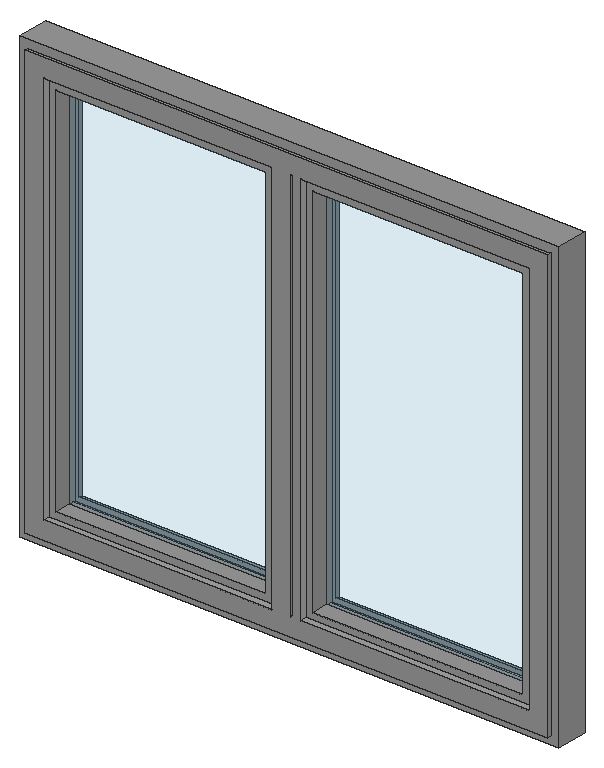
Revit family "Kawneer_Window_GT70s_Pos005", category Windows, host Wall, Revit 2020 (continued)
Definition of nested family "Kawneer_GT70s_Pos005"
  Definition of nested family "Kawneer_GT70s_Mull5"
    Lines and regions (mm)
      model lines, in view "Ref. Level", detail levels fine
        curve 373: arc (-9.68, -51.372, 0) -> (-9.788, -51.634, 0) -> (-9.527, -51.742, 0) r 0.2
        curve 374: arc (-9.098, -53.5, 0) -> (-8.932, -53.411, 0) -> (-8.913, -53.223, 0) r 0.2
        curve 375: arc (-12.9, -53.3, 0) -> (-12.841, -53.441, 0) -> (-12.7, -53.5, 0) r 0.2
        curve 376: arc (-12.115, -51.4, 0) -> (-11.915, -51.2, 0) -> (-12.115, -51, 0) r 0.2
        curve 377: arc (-12.461, -51, 0) -> (-14.138, -51.513, 0) -> (-15.242, -52.875, 0) r 3
        curve 378: arc (-16.169, -53.5, 0) -> (-15.61, -53.329, 0) -> (-15.242, -52.875, 0) r 1
        curve 379: arc (-17.6, -53.5, 0) -> (-18.661, -53.939, 0) -> (-19.1, -55, 0) r 1.5
        curve 380: arc (-20.1, -56.6, 0) -> (-19.393, -56.307, 0) -> (-19.1, -55.6, 0) r 1
        curve 381: arc (-24.823, -56.025, 0) -> (-24.454, -56.444, 0) -> (-23.918, -56.6, 0) r 1
        curve 382: arc (-24.823, -56.025, 0) -> (-25.93, -54.768, 0) -> (-27.539, -54.3, 0) r 3
        curve 383: arc (-27.885, -54.3, 0) -> (-28.085, -54.5, 0) -> (-27.885, -54.7, 0) r 0.2
        curve 384: arc (-27.3, -56.8, 0) -> (-27.159, -56.741, 0) -> (-27.1, -56.6, 0) r 0.2
        curve 385: arc (-31.087, -56.523, 0) -> (-31.068, -56.711, 0) -> (-30.902, -56.8, 0) r 0.2
        curve 386: arc (-30.473, -55.042, 0) -> (-30.212, -54.934, 0) -> (-30.32, -54.672, 0) r 0.2
        curve 387: arc (-32.05, -53.673, 0) -> (-32.35, -53.673, 0) -> (-32.5, -53.933, 0) r 0.3
        curve 388: arc (-32.989, -70.211, 0) -> (-32.643, -70.061, 0) -> (-32.5, -69.711, 0) r 0.5
        curve 389: arc (-44.5, -69.9, 0) -> (-44.354, -70.254, 0) -> (-44, -70.4, 0) r 0.5
        curve 390: arc (-44.3, -68.8, 0) -> (-44.441, -68.859, 0) -> (-44.5, -69, 0) r 0.2
        curve 391: arc (-43.4, -68.8, 0) -> (-43, -68.4, 0) -> (-43.4, -68, 0) r 0.4
        curve 392: arc (-46.5, -68, 0) -> (-46.854, -68.146, 0) -> (-47, -68.5, 0) r 0.5
        curve 393: arc (-47, -68.8, 0) -> (-46.941, -68.941, 0) -> (-46.8, -69, 0) r 0.2
        curve 394: arc (-45.7, -69.5, 0) -> (-45.846, -69.146, 0) -> (-46.2, -69, 0) r 0.5
        curve 395: arc (-46.2, -70.6, 0) -> (-45.846, -70.454, 0) -> (-45.7, -70.1, 0) r 0.5
        curve 396: arc (-51.3, -70.1, 0) -> (-51.154, -70.454, 0) -> (-50.8, -70.6, 0) r 0.5
        curve 397: arc (-50.8, -69, 0) -> (-51.154, -69.146, 0) -> (-51.3, -69.5, 0) r 0.5
        curve 398: arc (-50.2, -69, 0) -> (-50.059, -68.941, 0) -> (-50, -68.8, 0) r 0.2
        curve 399: arc (-50, -68.5, 0) -> (-50.146, -68.146, 0) -> (-50.5, -68, 0) r 0.5
        curve 400: arc (-52, -68, 0) -> (-52.354, -68.146, 0) -> (-52.5, -68.5, 0) r 0.5
        curve 401: arc (-52.5, -71.5, 0) -> (-52.354, -71.854, 0) -> (-52, -72, 0) r 0.5
        curve 402: arc (-25, -72, 0) -> (-24.646, -71.854, 0) -> (-24.5, -71.5, 0) r 0.5
        curve 403: arc (-24.5, -71, 0) -> (-24.646, -70.646, 0) -> (-25, -70.5, 0) r 0.5
        curve 404: arc (-26, -70, 0) -> (-25.854, -70.354, 0) -> (-25.5, -70.5, 0) r 0.5
        curve 405: arc (-25.5, -67.3, 0) -> (-25.854, -67.446, 0) -> (-26, -67.8, 0) r 0.5
        curve 406: arc (-16.5, -67.8, 0) -> (-16.646, -67.446, 0) -> (-17, -67.3, 0) r 0.5
        curve 407: arc (-16.5, -71.5, 0) -> (-16.354, -71.854, 0) -> (-16, -72, 0) r 0.5
        curve 408: arc (-15.3, 6.3, 0) -> (-15.359, 6.441, 0) -> (-15.5, 6.5, 0) r 0.2
        curve 409: arc (-15.5, -20, 0) -> (-15.359, -19.941, 0) -> (-15.3, -19.8, 0) r 0.2
        curve 410: arc (-17.154, -20, 0) -> (-17.254, -20.027, 0) -> (-17.327, -20.1, 0) r 0.2
        curve 411: arc (-17.5, -20.2, 0) -> (-17.4, -20.173, 0) -> (-17.327, -20.1, 0) r 0.2
        curve 412: arc (-29.227, -20.1, 0) -> (-29.154, -20.173, 0) -> (-29.054, -20.2, 0) r 0.2
        curve 413: arc (-29.227, -20.1, 0) -> (-29.3, -20.027, 0) -> (-29.4, -20, 0) r 0.2
        curve 414: arc (-30.7, -19.8, 0) -> (-30.641, -19.941, 0) -> (-30.5, -20, 0) r 0.2
        curve 415: arc (-30.7, -18.7, 0) -> (-30.742, -18.578, 0) -> (-30.85, -18.506, 0) r 0.2
        curve 416: arc (-31, -18.313, 0) -> (-30.958, -18.435, 0) -> (-30.85, -18.506, 0) r 0.2
        curve 417: arc (-30.85, -3.494, 0) -> (-30.958, -3.565, 0) -> (-31, -3.687, 0) r 0.2
        curve 418: arc (-30.85, -3.494, 0) -> (-30.742, -3.422, 0) -> (-30.7, -3.3, 0) r 0.2
        curve 419: arc (-30.7, -2.2, 0) -> (-30.742, -2.078, 0) -> (-30.85, -2.006, 0) r 0.2
        curve 420: arc (-30.995, -1.857, 0) -> (-30.943, -1.952, 0) -> (-30.85, -2.006, 0) r 0.2
        curve 421: arc (-30.995, -1.857, 0) -> (-31.699, -0.736, 0) -> (-32.949, -0.3, 0) r 2
        curve 422: arc (-35.328, 0.487, 0) -> (-35.362, -0.031, 0) -> (-34.918, -0.3, 0) r 0.5
        curve 423: arc (-30.857, 6.5, 0) -> (-31.088, 6.444, 0) -> (-31.267, 6.287, 0) r 0.5
        curve 424: arc (-30.857, 8, 0) -> (-31.781, 7.774, 0) -> (-32.496, 7.147, 0) r 2
        curve 425: arc (-37.319, 0.258, 0) -> (-37.454, -0.015, 0) -> (-37.5, -0.315, 0) r 1
        curve 426: arc (-37.5, -2.34, 0) -> (-37.156, -3.464, 0) -> (-36.239, -4.2, 0) r 2
        curve 427: arc (-36.278, -4.184, 0) -> (-36.089, -4.167, 0) -> (-36, -4, 0) r 0.2
        curve 428: arc (-35.5, -1.8, 0) -> (-35.854, -1.946, 0) -> (-36, -2.3, 0) r 0.5
        curve 429: arc (-32.5, -2.3, 0) -> (-32.646, -1.946, 0) -> (-33, -1.8, 0) r 0.5
        curve 430: arc (-33, -16.3, 0) -> (-32.646, -16.154, 0) -> (-32.5, -15.8, 0) r 0.5
        curve 431: arc (-36, -15.8, 0) -> (-35.854, -16.154, 0) -> (-35.5, -16.3, 0) r 0.5
        curve 432: arc (-36, -14.4, 0) -> (-36.094, -14.23, 0) -> (-36.288, -14.22, 0) r 0.2
        curve 433: arc (-36.288, -14.22, 0) -> (-37.027, -14.885, 0) -> (-37.3, -15.841, 0) r 1.8
        curve 434: arc (-37.3, -17, 0) -> (-37.007, -17.707, 0) -> (-36.3, -18, 0) r 1
        curve 435: arc (-32.5, -18.5, 0) -> (-32.646, -18.146, 0) -> (-33, -18, 0) r 0.5
        curve 436: arc (-32.5, -24.667, 0) -> (-32.35, -24.927, 0) -> (-32.05, -24.927, 0) r 0.3
        curve 437: arc (-30.32, -23.928, 0) -> (-30.212, -23.666, 0) -> (-30.473, -23.558, 0) r 0.2
        curve 438: arc (-30.902, -21.8, 0) -> (-31.068, -21.889, 0) -> (-31.087, -22.077, 0) r 0.2
        curve 439: arc (-27.1, -22, 0) -> (-27.159, -21.859, 0) -> (-27.3, -21.8, 0) r 0.2
        curve 440: arc (-27.885, -23.9, 0) -> (-28.085, -24.1, 0) -> (-27.885, -24.3, 0) r 0.2
        curve 441: arc (-27.539, -24.3, 0) -> (-25.862, -23.787, 0) -> (-24.758, -22.425, 0) r 3
        curve 442: arc (-23.831, -21.8, 0) -> (-24.39, -21.971, 0) -> (-24.758, -22.425, 0) r 1
        curve 443: arc (-14, -21.8, 0) -> (-13.684, -21.687, 0) -> (-13.51, -21.4, 0) r 0.5
        curve 444: arc (-13.021, -21, 0) -> (-13.337, -21.113, 0) -> (-13.51, -21.4, 0) r 0.5
        curve 445: arc (-12.115, -21, 0) -> (-11.915, -20.8, 0) -> (-12.115, -20.6, 0) r 0.2
        curve 446: arc (-12.7, -18.5, 0) -> (-12.842, -18.559, 0) -> (-12.9, -18.7, 0) r 0.2
        curve 447: arc (-8.914, -18.777, 0) -> (-8.932, -18.589, 0) -> (-9.099, -18.5, 0) r 0.2
        curve 448: arc (-9.527, -20.258, 0) -> (-9.789, -20.366, 0) -> (-9.681, -20.628, 0) r 0.2
        curve 449: arc (-7.95, -21.627, 0) -> (-7.65, -21.627, 0) -> (-7.5, -21.367, 0) r 0.3
        curve 450: arc (-6.8, -18, 0) -> (-7.295, -18.205, 0) -> (-7.5, -18.7, 0) r 0.7
        curve 451: arc (-4.006, -18.2, 0) -> (-4.065, -18.059, 0) -> (-4.206, -18, 0) r 0.2
        curve 452: arc (-4.006, -19.4, 0) -> (-3.948, -19.542, 0) -> (-3.806, -19.6, 0) r 0.2
        curve 453: arc (-3.7, -19.6, 0) -> (-2.993, -19.307, 0) -> (-2.7, -18.6, 0) r 1
        curve 454: arc (-2.7, -15.84, 0) -> (-2.974, -14.886, 0) -> (-3.713, -14.222, 0) r 1.8
        curve 455: arc (-3.713, -14.222, 0) -> (-3.906, -14.232, 0) -> (-4, -14.401, 0) r 0.2
        curve 456: arc (-4.5, -16.3, 0) -> (-4.147, -16.154, 0) -> (-4, -15.8, 0) r 0.5
        curve 457: arc (-7.5, -15.8, 0) -> (-7.354, -16.154, 0) -> (-7, -16.3, 0) r 0.5
        curve 458: arc (-7.5, -14.4, 0) -> (-7.559, -14.259, 0) -> (-7.7, -14.2, 0) r 0.2
        curve 459: arc (-8.8, -14.2, 0) -> (-8.942, -14.259, 0) -> (-9, -14.4, 0) r 0.2
        curve 460: arc (-9.5, -16.7, 0) -> (-9.147, -16.554, 0) -> (-9, -16.2, 0) r 0.5
        curve 461: arc (-12, -16.2, 0) -> (-11.854, -16.554, 0) -> (-11.5, -16.7, 0) r 0.5
        curve 462: arc (-12, -15.1, 0) -> (-12.059, -14.959, 0) -> (-12.2, -14.9, 0) r 0.2
        curve 463: arc (-13.5, -14.4, 0) -> (-13.354, -14.754, 0) -> (-13, -14.9, 0) r 0.5
        curve 464: arc (-13, -3.5, 0) -> (-13.354, -3.647, 0) -> (-13.5, -4, 0) r 0.5
        curve 465: arc (-12.2, -3.5, 0) -> (-12.059, -3.442, 0) -> (-12, -3.3, 0) r 0.2
        curve 466: arc (-11.5, -1.7, 0) -> (-11.854, -1.847, 0) -> (-12, -2.2, 0) r 0.5
        curve 467: arc (-9, -2.2, 0) -> (-9.147, -1.847, 0) -> (-9.5, -1.7, 0) r 0.5
        curve 468: arc (-9, -4, 0) -> (-8.942, -4.142, 0) -> (-8.8, -4.2, 0) r 0.2
        curve 469: arc (-7.7, -4.2, 0) -> (-7.559, -4.142, 0) -> (-7.5, -4, 0) r 0.2
        curve 470: arc (-7, -1.8, 0) -> (-7.354, -1.947, 0) -> (-7.5, -2.3, 0) r 0.5
        curve 471: arc (-4, -2.3, 0) -> (-4.147, -1.947, 0) -> (-4.5, -1.8, 0) r 0.5
        curve 472: arc (-4, -3.998, 0) -> (-3.911, -4.165, 0) -> (-3.723, -4.183, 0) r 0.2
        curve 473: arc (-3.723, -4.183, 0) -> (-2.834, -3.446, 0) -> (-2.5, -2.34, 0) r 2
        curve 474: arc (-2.5, -0.5, 0) -> (-2.647, -0.147, 0) -> (-3, 0, 0) r 0.5
        curve 475: arc (-13.5, 0.5, 0) -> (-13.354, 0.146, 0) -> (-13, 0, 0) r 0.5
        curve 476: arc (-13.5, 7.5, 0) -> (-13.647, 7.854, 0) -> (-14, 8, 0) r 0.5
        curve 477: arc (-11.05, -40.4, 0) -> (-11.226, -39.976, 0) -> (-11.65, -39.8, 0) r 0.6
        curve 478: arc (-11.65, -41, 0) -> (-11.226, -40.824, 0) -> (-11.05, -40.4, 0) r 0.6
        curve 479: arc (-30.536, -41, 0) -> (-30.892, -41.149, 0) -> (-31.036, -41.506, 0) r 0.5
        curve 480: arc (-31.036, -41.506, 0) -> (-30.955, -45.013, 0) -> (-30.803, -48.517, 0) r 172.05
        curve 481: arc (-30.803, -48.517, 0) -> (-30.595, -49.457, 0) -> (-30.105, -50.285, 0) r 3.049
        curve 482: arc (-28.019, -53.863, 0) -> (-28.172, -52.827, 0) -> (-28.721, -51.935, 0) r 2.599
        curve 483: arc (-28.018, -54.351, 0) -> (-27.999, -54.466, 0) -> (-27.952, -54.574, 0) r 0.5
        curve 484: arc (-27.3, -56.8, 0) -> (-27.159, -56.741, 0) -> (-27.1, -56.6, 0) r 0.2
        curve 485: arc (-28.58, -56.35, 0) -> (-28.58, -56.65, 0) -> (-28.321, -56.8, 0) r 0.3
        curve 486: arc (-28.58, -56.35, 0) -> (-29.1, -55.45, 0) -> (-29.62, -56.35, 0) r 0.6
        curve 487: arc (-29.879, -56.8, 0) -> (-29.62, -56.65, 0) -> (-29.62, -56.35, 0) r 0.3
        curve 488: arc (-30.9, -56.6, 0) -> (-30.841, -56.741, 0) -> (-30.7, -56.8, 0) r 0.2
        curve 489: arc (-30.397, -54.429, 0) -> (-30.614, -53.72, 0) -> (-31.145, -53.201, 0) r 1.5
        curve 490: arc (-32.45, -51.87, 0) -> (-32.316, -52.37, 0) -> (-31.95, -52.736, 0) r 1
        curve 491: arc (-31.95, -25.864, 0) -> (-32.316, -26.23, 0) -> (-32.45, -26.73, 0) r 1
        curve 492: arc (-31.145, -25.399, 0) -> (-30.614, -24.88, 0) -> (-30.397, -24.171, 0) r 1.5
        curve 493: arc (-30.7, -21.8, 0) -> (-30.841, -21.859, 0) -> (-30.9, -22, 0) r 0.2
        curve 494: arc (-29.62, -22.25, 0) -> (-29.62, -21.95, 0) -> (-29.879, -21.8, 0) r 0.3
        curve 495: arc (-29.62, -22.25, 0) -> (-29.1, -23.15, 0) -> (-28.58, -22.25, 0) r 0.6
        curve 496: arc (-28.321, -21.8, 0) -> (-28.58, -21.95, 0) -> (-28.58, -22.25, 0) r 0.3
        curve 497: arc (-27.1, -22, 0) -> (-27.159, -21.859, 0) -> (-27.3, -21.8, 0) r 0.2
        curve 498: arc (-27.952, -24.026, 0) -> (-27.999, -24.134, 0) -> (-28.018, -24.249, 0) r 0.5
        curve 499: arc (-28.72, -26.664, 0) -> (-28.2, -25.762, 0) -> (-28.019, -24.737, 0) r 2.996
        curve 500: arc (-30.105, -28.314, 0) -> (-30.598, -29.142, 0) -> (-30.803, -30.084, 0) r 3.002
        curve 501: arc (-30.803, -30.084, 0) -> (-30.988, -34.69, 0) -> (-31.05, -39.3, 0) r 172.47
        curve 502: arc (-31.05, -39.3, 0) -> (-30.904, -39.654, 0) -> (-30.55, -39.8, 0) r 0.5
        curve 503: arc (-28.95, -37.1, 0) -> (-28.774, -37.524, 0) -> (-28.35, -37.7, 0) r 0.6
        curve 504: arc (-28.35, -36.5, 0) -> (-28.774, -36.676, 0) -> (-28.95, -37.1, 0) r 0.6
        curve 505: arc (-9.45, -36.5, 0) -> (-9.096, -36.354, 0) -> (-8.95, -36, 0) r 0.5
        curve 506: arc (-8.95, -36, 0) -> (-9.012, -31.39, 0) -> (-9.197, -26.784, 0) r 172.47
        curve 507: arc (-9.197, -26.784, 0) -> (-9.402, -25.842, 0) -> (-9.895, -25.014, 0) r 3.002
        curve 508: arc (-11.981, -21.437, 0) -> (-11.8, -22.462, 0) -> (-11.28, -23.364, 0) r 2.996
        curve 509: arc (-11.982, -20.949, 0) -> (-12.002, -20.834, 0) -> (-12.048, -20.726, 0) r 0.5
        curve 510: arc (-12.7, -18.5, 0) -> (-12.841, -18.559, 0) -> (-12.9, -18.7, 0) r 0.2
        curve 511: arc (-11.42, -18.95, 0) -> (-11.42, -18.65, 0) -> (-11.679, -18.5, 0) r 0.3
        curve 512: arc (-11.42, -18.95, 0) -> (-10.9, -19.85, 0) -> (-10.38, -18.95, 0) r 0.6
        curve 513: arc (-10.121, -18.5, 0) -> (-10.38, -18.65, 0) -> (-10.38, -18.95, 0) r 0.3
        curve 514: arc (-9.1, -18.7, 0) -> (-9.159, -18.559, 0) -> (-9.3, -18.5, 0) r 0.2
        curve 515: arc (-9.603, -20.871, 0) -> (-9.386, -21.58, 0) -> (-8.855, -22.099, 0) r 1.5
        curve 516: arc (-7.55, -23.43, 0) -> (-7.684, -22.93, 0) -> (-8.05, -22.564, 0) r 1
        curve 517: arc (-7.55, -44.3, 0) -> (-7.404, -44.654, 0) -> (-7.05, -44.8, 0) r 0.5
        curve 518: arc (-4.35, -44.8, 0) -> (-4.138, -44.712, 0) -> (-4.05, -44.5, 0) r 0.3
        curve 519: arc (-3.55, -43.4, 0) -> (-3.904, -43.546, 0) -> (-4.05, -43.9, 0) r 0.5
        curve 520: arc (-3.05, -43.9, 0) -> (-3.197, -43.547, 0) -> (-3.55, -43.4, 0) r 0.502
        curve 521: arc (-3.55, -47.4, 0) -> (-3.196, -47.254, 0) -> (-3.05, -46.9, 0) r 0.5
        curve 522: arc (-4.05, -46.9, 0) -> (-3.904, -47.254, 0) -> (-3.55, -47.4, 0) r 0.5
        curve 523: arc (-4.05, -46.3, 0) -> (-4.138, -46.088, 0) -> (-4.35, -46, 0) r 0.3
        curve 524: arc (-7.05, -46, 0) -> (-7.407, -46.143, 0) -> (-7.55, -46.5, 0) r 0.49
        curve 525: arc (-8.05, -49.436, 0) -> (-7.684, -49.07, 0) -> (-7.55, -48.57, 0) r 1
        curve 526: arc (-8.855, -49.901, 0) -> (-9.386, -50.42, 0) -> (-9.603, -51.129, 0) r 1.5
        curve 527: arc (-9.3, -53.5, 0) -> (-9.159, -53.441, 0) -> (-9.1, -53.3, 0) r 0.2
        curve 528: arc (-10.38, -53.05, 0) -> (-10.38, -53.35, 0) -> (-10.121, -53.5, 0) r 0.3
        curve 529: arc (-10.38, -53.05, 0) -> (-10.9, -52.15, 0) -> (-11.42, -53.05, 0) r 0.6
        curve 530: arc (-11.679, -53.5, 0) -> (-11.42, -53.35, 0) -> (-11.42, -53.05, 0) r 0.3
        curve 531: arc (-12.9, -53.3, 0) -> (-12.841, -53.441, 0) -> (-12.7, -53.5, 0) r 0.2
        curve 532: arc (-12.048, -51.274, 0) -> (-12.001, -51.166, 0) -> (-11.982, -51.051, 0) r 0.5
        curve 533: arc (-11.279, -48.635, 0) -> (-11.828, -49.527, 0) -> (-11.981, -50.563, 0) r 2.599
        curve 534: arc (-9.895, -46.985, 0) -> (-9.405, -46.157, 0) -> (-9.197, -45.217, 0) r 3.049
        curve 535: arc (-9.197, -45.217, 0) -> (-9.045, -41.713, 0) -> (-8.964, -38.206, 0) r 172.05
        curve 536: arc (-8.964, -38.206, 0) -> (-9.108, -37.849, 0) -> (-9.464, -37.7, 0) r 0.5
        curve 537: arc (-35.264, -3.988, 0) -> (-35.476, -3.9, 0) -> (-35.688, -3.988, 0) r 0.3
        curve 538: arc (-35.059, -5.4, 0) -> (-34.597, -5.091, 0) -> (-34.705, -4.546, 0) r 0.5
        curve 539: arc (-39.47, -4.4, 0) -> (-38.738, -5.132, 0) -> (-37.738, -5.4, 0) r 2
        curve 540: arc (-41, -1.75, 0) -> (-41.183, -1.567, 0) -> (-41.433, -1.5, 0) r 0.5
        curve 541: arc (-49.578, -1.5, 0) -> (-50.61, -1.911, 0) -> (-51.076, -2.92, 0) r 1.5
        curve 542: arc (-51.244, -12.082, 0) -> (-50.958, -12.801, 0) -> (-50.244, -13.1, 0) r 1
        curve 543: arc (-33.403, -14.792, 0) -> (-32.981, -13.772, 0) -> (-33.856, -13.1, 0) r 0.906
        curve 544: arc (-35.284, -15.8, 0) -> (-35.155, -15.783, 0) -> (-35.034, -15.733, 0) r 0.5
        curve 545: arc (-35.95, -15.6, 0) -> (-35.891, -15.741, 0) -> (-35.75, -15.8, 0) r 0.2
        curve 546: arc (-35.209, -14.541, 0) -> (-35.165, -14.323, 0) -> (-35.35, -14.2, 0) r 0.2
        curve 547: arc (-50.8, -14.2, 0) -> (-51.154, -14.346, 0) -> (-51.3, -14.7, 0) r 0.5
        curve 548: arc (-51.3, -28.9, 0) -> (-51.154, -29.254, 0) -> (-50.8, -29.4, 0) r 0.5
        curve 549: arc (-50.2, -29.9, 0) -> (-50.346, -29.546, 0) -> (-50.7, -29.4, 0) r 0.5
        curve 550: arc (-50.7, -30.9, 0) -> (-50.346, -30.754, 0) -> (-50.2, -30.4, 0) r 0.5
        curve 551: arc (-52.5, -30.4, 0) -> (-52.354, -30.754, 0) -> (-52, -30.9, 0) r 0.5
        curve 552: arc (-52, 0, 0) -> (-52.354, -0.146, 0) -> (-52.5, -0.5, 0) r 0.5
        curve 553: arc (-37.7, -0.5, 0) -> (-37.846, -0.146, 0) -> (-38.2, 0, 0) r 0.5
        curve 554: arc (-37.9, -1.2, 0) -> (-37.759, -1.141, 0) -> (-37.7, -1, 0) r 0.2
        curve 555: arc (-39.066, -1.2, 0) -> (-39.499, -1.45, 0) -> (-39.499, -1.95, 0) r 0.5
        curve 556: arc (-38.489, -3.7, 0) -> (-38.123, -4.066, 0) -> (-37.623, -4.2, 0) r 1
        curve 557: arc (-36.066, -4.2, 0) -> (-35.913, -4.17, 0) -> (-35.783, -4.083, 0) r 0.4
        curve 558: arc (-49.897, -68.865, 0) -> (-49.941, -69.029, 0) -> (-50.094, -69.1, 0) r 0.2
        curve 559: arc (-50.414, -69.415, 0) -> (-50.428, -69.208, 0) -> (-50.25, -69.1, 0) r 0.2
        curve 560: arc (-49.83, -70.1, 0) -> (-49.922, -70.077, 0) -> (-49.994, -70.015, 0) r 0.2
        curve 561: arc (-49.092, -70, 0) -> (-49.165, -70.073, 0) -> (-49.265, -70.1, 0) r 0.2
        curve 562: arc (-48.673, -69.274, 0) -> (-48.5, -69.174, 0) -> (-48.327, -69.274, 0) r 0.2
        curve 563: arc (-47.735, -70.1, 0) -> (-47.835, -70.073, 0) -> (-47.908, -70, 0) r 0.2
        curve 564: arc (-47.006, -70.015, 0) -> (-47.078, -70.077, 0) -> (-47.17, -70.1, 0) r 0.2
        curve 565: arc (-46.75, -69.1, 0) -> (-46.573, -69.207, 0) -> (-46.586, -69.415, 0) r 0.2
        curve 566: arc (-46.906, -69.1, 0) -> (-47.059, -69.029, 0) -> (-47.103, -68.865, 0) r 0.2
        curve 567: arc (-44.711, -67.817, 0) -> (-44.775, -67.947, 0) -> (-44.91, -68, 0) r 0.2
        curve 568: arc (-44.534, -65, 0) -> (-44.386, -65.065, 0) -> (-44.335, -65.217, 0) r 0.2
        curve 569: arc (-46.44, -65.148, 0) -> (-46.368, -65.041, 0) -> (-46.247, -65, 0) r 0.2
        curve 570: arc (-46.601, -65.752, 0) -> (-46.673, -65.859, 0) -> (-46.795, -65.9, 0) r 0.2
        curve 571: arc (-50.206, -65.9, 0) -> (-50.327, -65.858, 0) -> (-50.399, -65.752, 0) r 0.2
        curve 572: arc (-50.753, -65, 0) -> (-50.632, -65.041, 0) -> (-50.56, -65.148, 0) r 0.2
        curve 573: arc (-52.665, -65.217, 0) -> (-52.614, -65.065, 0) -> (-52.466, -65, 0) r 0.2
        curve 574: arc (-52.09, -68, 0) -> (-52.225, -67.947, 0) -> (-52.289, -67.817, 0) r 0.2
        curve 575: line (29.914, -37.3, 0) -> (22.248, -37.3, 0)
        curve 576: line (22.248, -39.1, 0) -> (29.914, -39.1, 0)
        curve 577: line (18.977, -41.299, 0) -> (26.848, -41.299, 0)
        curve 578: line (26.848, -39.499, 0) -> (18.977, -39.499, 0)
        curve 579: line (40, -49.646, 0) -> (40, -22.646, 0)
        curve 580: line (37.5, -49.146, 0) -> (37.5, -23.146, 0)
        curve 581: line (33, -51.646, 0) -> (37, -51.646, 0)
        curve 582: line (37, -51.646, 0) -> (41, -51.646, 0)
        curve 583: line (41, -51.646, 0) -> (41, -49.646, 0)
        curve 584: line (41, -49.646, 0) -> (37, -49.646, 0)
        curve 585: line (37, -49.646, 0) -> (33, -49.646, 0)
        curve 586: line (32.5, -68.146, 0) -> (41, -68.146, 0)
        curve 587: line (41, -68.146, 0) -> (41, -63.146, 0)
        curve 588: line (41, -63.146, 0) -> (37, -63.146, 0)
        curve 589: line (37, -63.146, 0) -> (33, -63.146, 0)
        curve 590: line (32.5, -63.646, 0) -> (32.5, -70.2, 0)
        curve 591: line (32.5, -70.2, 0) -> (36.5, -70.2, 0)
        curve 592: line (36.5, -70.2, 0) -> (36.5, -68.146, 0)
        curve 593: line (37.5, -52.146, 0) -> (37.5, -62.646, 0)
        curve 594: line (32.5, -50.146, 0) -> (32.5, -51.146, 0)
        curve 595: line (40, -63.146, 0) -> (40, -51.646, 0)
        curve 596: line (35.5, -20.646, 0) -> (41, -20.646, 0)
        curve 597: line (41, -20.646, 0) -> (41, -22.646, 0)
        curve 598: line (41, -22.646, 0) -> (37, -22.646, 0)
        curve 599: line (37, -22.646, 0) -> (33, -22.646, 0)
        curve 600: line (35, -18.646, 0) -> (35, -20.146, 0)
        curve 601: line (32.5, -22.146, 0) -> (32.5, -18.646, 0)
        curve 602: line (32.5, -18.646, 0) -> (32.5, -24.667, 0)
        curve 603: line (33, -18.146, 0) -> (34.5, -18.146, 0)
        curve 604: line (42.5, -23.646, 0) -> (40, -23.646, 0)
        curve 605: line (40, -23.646, 0) -> (42.5, -67.146, 0)
        curve 606: line (42.5, -67.146, 0) -> (42.5, -23.646, 0)
        curve 607: line (42.5, -23.646, 0) -> (40.681, -63.146, 0)
        curve 608: line (41, -67.146, 0) -> (42.5, -67.146, 0)
        curve 609: line (47.236, -30.94, 0) -> (47.96, -31.008, 0)
        curve 610: line (48.179, -30.934, 0) -> (48.717, -30.356, 0)
        curve 611: line (49.111, -30.412, 0) -> (49.356, -30.867, 0)
        curve 612: line (49.356, -30.867, 0) -> (43.917, -36.998, 0)
        curve 613: line (51.729, -33.173, 0) -> (49.616, -31.028, 0)
        curve 614: line (49.616, -31.028, 0) -> (52.394, -31.028, 0)
        curve 615: line (52.693, -30.679, 0) -> (52.494, -28.242, 0)
        curve 616: line (56.017, -37.028, 0) -> (53.564, -37.028, 0)
        curve 617: line (-40, -49.157, 0) -> (-40, -22.157, 0)
        curve 618: line (-37.5, -48.657, 0) -> (-37.5, -22.657, 0)
        curve 619: line (-33, -51.157, 0) -> (-37, -51.157, 0)
        curve 620: line (-37, -51.157, 0) -> (-41, -51.157, 0)
        curve 621: line (-41, -51.157, 0) -> (-41, -49.157, 0)
        curve 622: line (-41, -49.157, 0) -> (-37, -49.157, 0)
        curve 623: line (-37, -49.157, 0) -> (-33, -49.157, 0)
        curve 624: line (-32.5, -67.657, 0) -> (-41, -67.657, 0)
        curve 625: line (-41, -67.657, 0) -> (-41, -62.657, 0)
        curve 626: line (-41, -62.657, 0) -> (-37, -62.657, 0)
        curve 627: line (-37, -62.657, 0) -> (-33, -62.657, 0)
        curve 628: line (-32.5, -63.157, 0) -> (-32.5, -69.711, 0)
        curve 629: line (-32.5, -69.711, 0) -> (-36.5, -69.711, 0)
        curve 630: line (-36.5, -69.711, 0) -> (-36.5, -67.657, 0)
        curve 631: line (-37.5, -51.657, 0) -> (-37.5, -62.157, 0)
        curve 632: line (-32.5, -49.657, 0) -> (-32.5, -50.657, 0)
        curve 633: line (-40, -62.657, 0) -> (-40, -51.157, 0)
        curve 634: line (-35.5, -20.157, 0) -> (-41, -20.157, 0)
        curve 635: line (-41, -20.157, 0) -> (-41, -22.157, 0)
        curve 636: line (-41, -22.157, 0) -> (-37, -22.157, 0)
        curve 637: line (-37, -22.157, 0) -> (-33, -22.157, 0)
        curve 638: line (-35, -18.157, 0) -> (-35, -19.657, 0)
        curve 639: line (-32.5, -21.657, 0) -> (-32.5, -18.157, 0)
        curve 640: line (-33, -17.657, 0) -> (-34.5, -17.657, 0)
        curve 641: line (-42.5, -23.157, 0) -> (-40, -23.157, 0)
        curve 642: line (-40, -23.157, 0) -> (-42.5, -66.657, 0)
        curve 643: line (-42.5, -66.657, 0) -> (-42.5, -23.157, 0)
        curve 644: line (-42.5, -23.157, 0) -> (-40.681, -62.657, 0)
        curve 645: line (-41, -66.657, 0) -> (-42.5, -66.657, 0)
        curve 646: line (-47.236, -30.94, 0) -> (-47.96, -31.008, 0)
        curve 647: line (-48.179, -30.934, 0) -> (-48.717, -30.356, 0)
        curve 648: line (-49.111, -30.412, 0) -> (-49.356, -30.867, 0)
        curve 649: line (-49.356, -30.867, 0) -> (-43.917, -36.998, 0)
        curve 650: line (-51.729, -33.173, 0) -> (-49.616, -31.028, 0)
        curve 651: line (-49.616, -31.028, 0) -> (-52.394, -31.028, 0)
        curve 652: line (-52.693, -30.679, 0) -> (-52.494, -28.242, 0)
        curve 653: line (-56.017, -37.028, 0) -> (-53.564, -37.028, 0)
        curve 654: line (30.5, -70.5, 0) -> (28, -70.5, 0)
        curve 655: line (27.5, -70, 0) -> (27.5, -67.8, 0)
        curve 656: line (25.5, -65.8, 0) -> (20.8, -65.8, 0)
        curve 657: line (20.6, -65.6, 0) -> (20.6, -58.6, 0)
        curve 658: line (20.8, -58.4, 0) -> (30.8, -58.4, 0)
        curve 659: line (31, -58.6, 0) -> (31, -70, 0)
        curve 660: line (25, -72, 0) -> (52, -72, 0)
        curve 661: line (52.5, -71.5, 0) -> (52.5, -68.5, 0)
        curve 662: line (48.884, -69.639, 0) -> (50, -68.5, 0)
        curve 663: line (50, -68.5, 0) -> (50, -68.8, 0)
        curve 664: line (50, -68.8, 0) -> (50.05, -68, 0)
        curve 665: line (50.05, -68, 0) -> (52, -68, 0)
        curve 666: line (52, -68, 0) -> (50.5, -68, 0)
        curve 667: line (50.5, -68, 0) -> (52.557, -65.967, 0)
        curve 668: line (50.2, -69, 0) -> (50.8, -69, 0)
        curve 669: line (51.3, -69.5, 0) -> (51.3, -70.1, 0)
        curve 670: line (50.8, -70.6, 0) -> (46.2, -70.6, 0)
        curve 671: line (45.7, -70.1, 0) -> (45.7, -69.5, 0)
        curve 672: line (46.2, -69, 0) -> (46.8, -69, 0)
        curve 673: line (44.91, -68, 0) -> (46.95, -68, 0)
        curve 674: line (46.95, -68, 0) -> (47, -68.8, 0)
        curve 675: line (47, -68.8, 0) -> (47, -68.5, 0)
        curve 676: line (47, -68.5, 0) -> (48.116, -69.639, 0)
        curve 677: line (44.443, -65.967, 0) -> (46.5, -68, 0)
        curve 678: line (46.5, -68, 0) -> (43.4, -68, 0)
        curve 679: line (43.4, -68.8, 0) -> (44.3, -68.8, 0)
        curve 680: line (44.5, -69, 0) -> (44.5, -69.9, 0)
        curve 681: line (44, -70.4, 0) -> (41.5, -70.4, 0)
        curve 682: line (41.5, -70.4, 0) -> (32.989, -70.211, 0)
        curve 683: line (32.5, -69.711, 0) -> (32.5, -53.933, 0)
        curve 684: line (30.473, -55.042, 0) -> (31.087, -56.523, 0)
        curve 685: line (30.902, -56.8, 0) -> (27.3, -56.8, 0)
        curve 686: line (27.3, -56.8, 0) -> (28.321, -56.8, 0)
        curve 687: line (27.1, -56.6, 0) -> (27.1, -56.06, 0)
        curve 688: line (27.1, -56.06, 0) -> (27.886, -54.698, 0)
        curve 689: line (27.886, -54.698, 0) -> (27.1, -56.05, 0)
        curve 690: line (27.1, -56.05, 0) -> (27.1, -56.6, 0)
        curve 691: line (28.019, -53.863, 0) -> (27.916, -54.3, 0)
        curve 692: line (27.916, -54.3, 0) -> (27.539, -54.3, 0)
        curve 693: line (21.761, -54.3, 0) -> (21.384, -54.3, 0)
        curve 694: line (21.384, -54.3, 0) -> (21.279, -53.863, 0)
        curve 695: line (21.414, -54.698, 0) -> (22.2, -56.06, 0)
        curve 696: line (22.2, -56.06, 0) -> (22.2, -56.6, 0)
        curve 697: line (22.2, -56.6, 0) -> (22.198, -56.05, 0)
        curve 698: line (22.198, -56.05, 0) -> (21.346, -54.574, 0)
        curve 699: line (20.978, -56.8, 0) -> (22, -56.8, 0)
        curve 700: line (22, -56.8, 0) -> (18.398, -56.8, 0)
        curve 701: line (18.213, -56.523, 0) -> (18.827, -55.042, 0)
        curve 702: line (18.398, -56.6, 0) -> (18.398, -55.719, 0)
        curve 703: line (18.398, -55.719, 0) -> (18.98, -54.672, 0)
        curve 704: line (18.98, -54.672, 0) -> (17.879, -54.036, 0)
        curve 705: line (17.879, -54.036, 0) -> (17.25, -53.673, 0)
        curve 706: line (16.8, -53.933, 0) -> (16.8, -57.228, 0)
        curve 707: line (16.63, -57.426, 0) -> (15.763, -57.588, 0)
        curve 708: line (15.6, -57.785, 0) -> (15.6, -58.4, 0)
        curve 709: line (15.8, -58.6, 0) -> (18.6, -58.6, 0)
        curve 710: line (19.1, -59.1, 0) -> (19.1, -65.3, 0)
        curve 711: line (18.6, -65.8, 0) -> (17.2, -65.8, 0)
        curve 712: line (16.7, -66.3, 0) -> (16.7, -66.8, 0)
        curve 713: line (17.2, -67.3, 0) -> (25.5, -67.3, 0)
        curve 714: line (26, -67.8, 0) -> (26, -70, 0)
        curve 715: line (25.5, -70.5, 0) -> (25, -70.5, 0)
        curve 716: line (24.5, -71, 0) -> (24.5, -71.5, 0)
        curve 717: line (15.3, 6.3, 0) -> (15.3, -19.8, 0)
        curve 718: line (15.5, -20, 0) -> (17.1, -20, 0)
        curve 719: line (17.446, -20.2, 0) -> (29.027, -20.2, 0)
        curve 720: line (29.373, -20, 0) -> (30.5, -20, 0)
        curve 721: line (30.7, -19.8, 0) -> (30.7, -18.7, 0)
        curve 722: line (31, -18.313, 0) -> (31, -3.887, 0)
        curve 723: line (30.7, -3.5, 0) -> (30.7, -2.405, 0)
        curve 724: line (32.982, -0.3, 0) -> (34.918, -0.3, 0)
        curve 725: line (35.328, 0.487, 0) -> (31.267, 6.287, 0)
        curve 726: line (30.857, 6.5, 0) -> (15.5, 6.5, 0)
        curve 727: line (-6.5, 8, 0) -> (30.857, 8, 0)
        curve 728: line (32.496, 7.147, 0) -> (37.41, 0.129, 0)
        curve 729: line (37.5, -0.158, 0) -> (37.5, -2.342, 0)
        curve 730: line (36, -4, 0) -> (36, -2.3, 0)
        curve 731: line (35.5, -1.8, 0) -> (33, -1.8, 0)
        curve 732: line (32.5, -2.3, 0) -> (32.5, -15.8, 0)
        curve 733: line (33, -16.3, 0) -> (35.5, -16.3, 0)
        curve 734: line (36, -15.8, 0) -> (36, -14.4, 0)
        curve 735: line (37.3, -15.839, 0) -> (37.3, -17, 0)
        curve 736: line (36.3, -18, 0) -> (33.2, -18, 0)
        curve 737: line (32.05, -24.927, 0) -> (31.421, -24.564, 0)
        curve 738: line (31.421, -24.564, 0) -> (30.32, -23.928, 0)
        curve 739: line (30.32, -23.928, 0) -> (30.9, -22.881, 0)
        curve 740: line (30.9, -22.881, 0) -> (30.9, -22, 0)
        curve 741: line (30.473, -23.558, 0) -> (31.087, -22.077, 0)
        curve 742: line (30.902, -21.8, 0) -> (27.3, -21.8, 0)
        curve 743: line (27.3, -21.8, 0) -> (28.321, -21.8, 0)
        curve 744: line (27.952, -24.026, 0) -> (27.1, -22.55, 0)
        curve 745: line (27.1, -22.55, 0) -> (27.1, -22, 0)
        curve 746: line (27.1, -22, 0) -> (27.1, -22.54, 0)
        curve 747: line (27.1, -22.54, 0) -> (27.886, -23.902, 0)
        curve 748: line (28.019, -24.737, 0) -> (27.916, -24.3, 0)
        curve 749: line (27.916, -24.3, 0) -> (27.539, -24.3, 0)
        curve 750: line (21.761, -24.3, 0) -> (21.384, -24.3, 0)
        curve 751: line (21.384, -24.3, 0) -> (21.279, -24.733, 0)
        curve 752: line (22.198, -22, 0) -> (22.198, -22.55, 0)
        curve 753: line (22.198, -22.55, 0) -> (21.414, -23.902, 0)
        curve 754: line (21.414, -23.902, 0) -> (22.2, -22.54, 0)
        curve 755: line (22.2, -22.54, 0) -> (22.2, -22, 0)
        curve 756: line (20.978, -21.8, 0) -> (22, -21.8, 0)
        curve 757: line (22, -21.8, 0) -> (18.398, -21.8, 0)
        curve 758: line (18.213, -22.077, 0) -> (18.827, -23.558, 0)
        curve 759: line (16.8, -24.667, 0) -> (16.8, -22.3, 0)
        curve 760: line (16.3, -21.8, 0) -> (15.5, -21.8, 0)
        curve 761: line (15.154, -22, 0) -> (9.5, -22, 0)
        curve 762: line (9, -21.5, 0) -> (9, -18, 0)
        curve 763: line (9.5, -17.5, 0) -> (10, -17.5, 0)
        curve 764: line (10.5, -18, 0) -> (10.5, -19.5, 0)
        curve 765: line (11, -20, 0) -> (12.707, -20, 0)
        curve 766: line (13.5, -19.207, 0) -> (13.5, -0.793, 0)
        curve 767: line (12.707, 0, 0) -> (11, 0, 0)
        curve 768: line (10.5, -0.5, 0) -> (10.5, -2, 0)
        curve 769: line (10, -2.5, 0) -> (9.5, -2.5, 0)
        curve 770: line (9, -2, 0) -> (9, 1.5, 0)
        curve 771: line (9.5, 2, 0) -> (13, 2, 0)
        curve 772: line (13.5, 2.5, 0) -> (13.5, 4.7, 0)
        curve 773: line (12, 6.2, 0) -> (-0.9, 6.2, 0)
        curve 774: line (-1.4, 5.7, 0) -> (-1.4, 4.5, 0)
        curve 775: line (-1.9, 4, 0) -> (-2.7, 4, 0)
        curve 776: line (-2.7, 4, 0) -> (-3.758, 3.001, 0)
        curve 777: line (-3.2, 4.5, 0) -> (-3.2, 4.8, 0)
        curve 778: line (-3, 5, 0) -> (-2.7, 5, 0)
        curve 779: line (-2.2, 5.5, 0) -> (-2.2, 6.1, 0)
        curve 780: line (-2.7, 6.6, 0) -> (-6.8, 6.6, 0)
        curve 781: line (-7.3, 6.1, 0) -> (-7.3, 5.5, 0)
        curve 782: line (-6.8, 5, 0) -> (-6.3, 5, 0)
        curve 783: line (-4.501, 6.501, 0) -> (-6.1, 4.8, 0)
        curve 784: line (-6.1, 4.8, 0) -> (-6.1, 4.5, 0)
        curve 785: line (-6.6, 4, 0) -> (-8, 4, 0)
        curve 786: line (-8.5, 4.5, 0) -> (-8.5, 6, 0)
        curve 787: line (22.25, -38.8, 0) -> (30.55, -38.8, 0)
        curve 788: line (30.105, -50.286, 0) -> (28.72, -51.936, 0)
        curve 789: line (29.879, -56.8, 0) -> (30.7, -56.8, 0)
        curve 790: line (30.9, -56.6, 0) -> (30.9, -55.719, 0)
        curve 791: line (30.9, -55.719, 0) -> (30.419, -54.558, 0)
        curve 792: line (30.419, -54.558, 0) -> (32.05, -53.673, 0)
        curve 793: line (31.145, -53.201, 0) -> (31.95, -52.736, 0)
        curve 794: line (32.45, -51.87, 0) -> (32.45, -26.73, 0)
        curve 795: line (31.95, -25.864, 0) -> (31.145, -25.399, 0)
        curve 796: line (30.7, -21.8, 0) -> (29.879, -21.8, 0)
        curve 797: line (28.721, -26.665, 0) -> (30.105, -28.315, 0)
        curve 798: line (30.536, -37.6, 0) -> (22.25, -37.6, 0)
        curve 799: line (15.824, -37.199, 0) -> (11.848, -37.199, 0)
        curve 800: line (10.848, -36.199, 0) -> (10.848, -29.799, 0)
        curve 801: line (12.348, -28.299, 0) -> (16.048, -28.299, 0)
        curve 802: line (17.548, -29.799, 0) -> (17.548, -35.475, 0)
        curve 803: line (17.255, -36.182, 0) -> (16.531, -36.906, 0)
        curve 804: line (10.848, -45.299, 0) -> (10.848, -38.899, 0)
        curve 805: line (11.848, -37.899, 0) -> (15.418, -37.899, 0)
        curve 806: line (16.228, -38.311, 0) -> (17.357, -39.866, 0)
        curve 807: line (17.548, -40.454, 0) -> (17.548, -45.299, 0)
        curve 808: line (16.048, -46.799, 0) -> (12.348, -46.799, 0)
        curve 809: line (18.598, -56.8, 0) -> (19.419, -56.8, 0)
        curve 810: line (20.575, -51.932, 0) -> (19.25, -50.353, 0)
        curve 811: line (18.548, -48.425, 0) -> (18.548, -41.499, 0)
        curve 812: line (19.048, -40.999, 0) -> (26.848, -40.999, 0)
        curve 813: line (26.848, -39.799, 0) -> (18.799, -39.799, 0)
        curve 814: line (18.395, -39.593, 0) -> (17.677, -38.605, 0)
        curve 815: line (18.548, -35.993, 0) -> (18.548, -30.173, 0)
        curve 816: line (19.25, -28.247, 0) -> (20.578, -26.664, 0)
        curve 817: line (19.419, -21.8, 0) -> (18.598, -21.8, 0)
        curve 818: line (18.398, -22, 0) -> (18.398, -22.881, 0)
        curve 819: line (18.398, -22.881, 0) -> (18.879, -24.042, 0)
        curve 820: line (18.879, -24.042, 0) -> (17.879, -24.564, 0)
        curve 821: line (17.879, -24.564, 0) -> (17.25, -24.927, 0)
        curve 822: line (18.153, -25.399, 0) -> (17.348, -25.864, 0)
        curve 823: line (16.108, -27.299, 0) -> (11.348, -27.299, 0)
        curve 824: line (9.848, -28.799, 0) -> (9.848, -47.299, 0)
        curve 825: line (10.348, -47.799, 0) -> (15.848, -47.799, 0)
        curve 826: line (16.848, -48.799, 0) -> (16.848, -51.87, 0)
        curve 827: line (17.348, -52.736, 0) -> (18.153, -53.201, 0)
        curve 828: line (-6.701, -49.422, 0) -> (-4.313, -47.034, 0)
        curve 829: line (-5.751, -50.594, 0) -> (-4.647, -49.49, 0)
        curve 830: line (-3.468, -48.311, 0) -> (-1.558, -46.4, 0)
        curve 831: line (-5.96, -52.924, 0) -> (-4.492, -51.456, 0)
        curve 832: line (-4.492, -51.456, 0) -> (-5.757, -50.221, 0)
        curve 833: line (-5.757, -50.221, 0) -> (-5.745, -51.044, 0)
        curve 834: line (-3.472, -50.436, 0) -> (-2.744, -49.708, 0)
        curve 835: line (-2.744, -49.708, 0) -> (-1.101, -48.065, 0)
        curve 836: line (-6.395, -50.838, 0) -> (-6.355, -51.198, 0)
        curve 837: line (-6.355, -51.198, 0) -> (-7.2, -52.043, 0)
        curve 838: line (-7.2, -52.043, 0) -> (-7.2, -50.899, 0)
        curve 839: line (-7.2, -50.899, 0) -> (-4.441, -53.526, 0)
        curve 840: line (-4.441, -53.526, 0) -> (-4.26, -53.345, 0)
        curve 841: line (-3.261, -52.347, 0) -> (-0.743, -49.828, 0)
        curve 842: line (-2.692, -53.899, 0) -> (0.473, -50.734, 0)
        curve 843: line (-2.7, -53.033, 0) -> (-2.673, -56.001, 0)
        curve 844: line (-2.673, -56.001, 0) -> (2.822, -50.506, 0)
        curve 845: line (0.224, -55.225, 0) -> (5.378, -50.071, 0)
        curve 846: line (-2.438, -56.09, 0) -> (3.367, -54.204, 0)
        curve 847: line (3.367, -54.204, 0) -> (7.934, -49.637, 0)
        curve 848: line (7.934, -49.637, 0) -> (9.838, -47.733, 0)
        curve 849: line (6.841, -52.851, 0) -> (10.49, -49.202, 0)
        curve 850: line (10.688, -49.004, 0) -> (11.959, -47.733, 0)
        curve 851: line (11.959, -47.733, 0) -> (9.007, -47.733, 0)
        curve 852: line (8.74, -47.747, 0) -> (10.238, -49.245, 0)
        curve 853: line (10.238, -49.245, 0) -> (11.533, -50.28, 0)
        curve 854: line (11.533, -50.28, 0) -> (13.034, -48.779, 0)
        curve 855: line (12.33, -49.745, 0) -> (12.642, -49.528, 0)
        curve 856: line (12.642, -49.528, 0) -> (10.847, -47.733, 0)
        curve 857: line (10.061, -51.189, 0) -> (8.425, -49.553, 0)
        curve 858: line (8.425, -49.553, 0) -> (7.288, -48.417, 0)
        curve 859: line (8.695, -51.945, 0) -> (6.612, -49.862, 0)
        curve 860: line (7.278, -52.649, 0) -> (4.799, -50.17, 0)
        curve 861: line (5.806, -53.299, 0) -> (2.986, -50.478, 0)
        curve 862: line (4.276, -53.89, 0) -> (1.172, -50.786, 0)
        curve 863: line (1.172, -50.786, 0) -> (11.292, -49.066, 0)
        curve 864: line (-1.058, -48.556, 0) -> (-1.995, -47.619, 0)
        curve 865: line (-1.995, -47.619, 0) -> (-2.75, -46.864, 0)
        curve 866: line (2.689, -54.424, 0) -> (-2.555, -49.18, 0)
        curve 867: line (-2.555, -49.18, 0) -> (-3.554, -48.182, 0)
        curve 868: line (-3.554, -48.182, 0) -> (-4.956, -46.779, 0)
        curve 869: line (1.088, -54.944, 0) -> (-3.115, -50.742, 0)
        curve 870: line (-3.115, -50.742, 0) -> (-4.163, -49.693, 0)
        curve 871: line (-4.163, -49.693, 0) -> (-3.731, -49.702, 0)
        curve 872: line (-5.019, -48.837, 0) -> (-6.277, -47.579, 0)
        curve 873: line (-0.513, -55.465, 0) -> (-2.698, -53.28, 0)
        curve 874: line (-3.612, -52.366, 0) -> (-4.28, -51.697, 0)
        curve 875: line (-6.146, -49.832, 0) -> (-6.936, -49.041, 0)
        curve 876: line (-2.114, -55.985, 0) -> (-2.678, -55.421, 0)
        curve 877: line (-3.731, -48.302, 0) -> (-4.52, -48.302, 0)
        curve 878: line (-3.231, -49.202, 0) -> (-3.231, -48.802, 0)
        curve 879: line (-3.231, -51.264, 0) -> (-3.231, -50.864, 0)
        curve 880: line (-3.731, -50.364, 0) -> (-4.031, -50.364, 0)
        curve 881: line (-4.531, -50.864, 0) -> (-4.531, -51.264, 0)
        curve 882: line (-4.031, -51.764, 0) -> (-3.731, -51.764, 0)
        curve 883: line (-6.912, -47.964, 0) -> (-4.733, -46.644, 0)
        curve 884: line (-4.733, -46.644, 0) -> (-4.41, -46.644, 0)
        curve 885: line (-4.41, -46.644, 0) -> (-4.083, -47.337, 0)
        curve 886: line (-2.75, -47.038, 0) -> (-2.75, -45.879, 0)
        curve 887: line (-1.157, -47.426, 0) -> (-1.022, -48.971, 0)
        curve 888: line (11.24, -48.895, 0) -> (7.417, -49.648, 0)
        curve 889: line (-4.098, -52.987, 0) -> (-4.341, -53.526, 0)
        curve 890: line (-4.341, -53.526, 0) -> (-4.876, -53.526, 0)
        curve 891: line (-4.876, -53.526, 0) -> (-7.05, -52.318, 0)
        curve 892: line (-7.057, -48.453, 0) -> (-7.057, -48.22, 0)
        curve 893: line (-8.743, 2.259, 0) -> (-7.001, 4.001, 0)
        curve 894: line (-8.334, 0.546, 0) -> (-7.764, 1.117, 0)
        curve 895: line (-5.88, 3.001, 0) -> (-5.545, 3.335, 0)
        curve 896: line (-5.545, 3.335, 0) -> (-4.98, 3.901, 0)
        curve 897: line (-4.98, 3.901, 0) -> (-4.164, 3.001, 0)
        curve 898: line (-4.062, 4.818, 0) -> (-2.974, 5.906, 0)
        curve 899: line (-6.759, 0, 0) -> (-5.905, 0.855, 0)
        curve 900: line (-5.905, 0.855, 0) -> (-5.617, 1.142, 0)
        curve 901: line (-7.218, 1.662, 0) -> (-6.073, 2.788, 0)
        curve 902: line (-6.073, 2.788, 0) -> (-4.986, 1.773, 0)
        curve 903: line (-4.986, 1.773, 0) -> (-4.15, 2.61, 0)
        curve 904: line (-4.638, 0, 0) -> (-2.75, 1.888, 0)
        curve 905: line (-1.928, 2.886, 0) -> (-3.049, 4.007, 0)
        curve 906: line (-3.049, 4.007, 0) -> (-4.081, 5.039, 0)
        curve 907: line (-4.643, 5.601, 0) -> (-5.452, 6.41, 0)
        curve 908: line (-2.516, 1.353, 0) -> (-3.048, 1.885, 0)
        curve 909: line (-3.232, 2.069, 0) -> (-3.845, 2.682, 0)
        curve 910: line (-6.1, 4.937, 0) -> (-5.297, 4.134, 0)
        curve 911: line (-5.363, 4.199, 0) -> (-5.186, 5.418, 0)
        curve 912: line (-6.1, 4.201, 0) -> (-6.1, 5.301, 0)
        curve 913: line (-6.1, 5.301, 0) -> (-6.542, 5.379, 0)
        curve 914: line (-6.542, 5.379, 0) -> (-6.696, 5.532, 0)
        curve 915: line (-3.469, 0.184, 0) -> (-4.104, 0.82, 0)
        curve 916: line (-6.285, 3.001, 0) -> (-7.285, 4.001, 0)
        curve 917: line (-5.406, 0, 0) -> (-6.271, 0.865, 0)
        curve 918: line (-6.271, 0.865, 0) -> (-7.274, 1.868, 0)
        curve 919: line (-7.932, 2.526, 0) -> (-8.671, 3.265, 0)
        curve 920: line (-7.592, 0.064, 0) -> (-8.657, 1.13, 0)
        curve 921: line (-4.986, 5.601, 0) -> (-4.314, 5.601, 0)
        curve 922: line (-4.114, 5.418, 0) -> (-4.001, 4.118, 0)
        curve 923: line (-4.2, 3.901, 0) -> (-5.1, 3.901, 0)
        curve 924: line (-6.617, 0.801, 0) -> (-7.126, 0.801, 0)
        curve 925: line (-7.713, 3.001, 0) -> (-3.52, 3.001, 0)
        curve 926: line (-1.6, 4.001, 0) -> (-3, 4.001, 0)
        curve 927: line (-3.2, 4.201, 0) -> (-3.2, 5.301, 0)
        curve 928: line (-3.2, 5.301, 0) -> (-2.765, 5.377, 0)
        curve 929: line (-2.7, 5.747, 0) -> (-4.005, 6.501, 0)
        curve 930: line (-4.005, 6.501, 0) -> (-5.295, 6.501, 0)
        curve 931: line (-5.295, 6.501, 0) -> (-6.6, 5.747, 0)
        curve 932: line (-6.3, 4.001, 0) -> (-8.3, 4.001, 0)
        curve 933: line (-7.126, -0.005, 0) -> (-4.256, -0.005, 0)
        curve 934: line (35.264, -3.988, 0) -> (34.705, -4.546, 0)
        curve 935: line (35.059, -5.4, 0) -> (37.738, -5.4, 0)
        curve 936: line (39.47, -4.4, 0) -> (41, -1.75, 0)
        curve 937: line (41.433, -1.5, 0) -> (49.578, -1.5, 0)
        curve 938: line (51.076, -2.92, 0) -> (51.244, -12.082, 0)
        curve 939: line (50.244, -13.1, 0) -> (33.856, -13.1, 0)
        curve 940: line (33.403, -14.792, 0) -> (35.034, -15.733, 0)
        curve 941: line (35.284, -15.8, 0) -> (35.75, -15.8, 0)
        curve 942: line (35.95, -15.6, 0) -> (35.95, -15.366, 0)
        curve 943: line (35.95, -15.366, 0) -> (35.209, -14.541, 0)
        curve 944: line (35.35, -14.2, 0) -> (50.8, -14.2, 0)
        curve 945: line (51.3, -14.7, 0) -> (51.3, -28.9, 0)
        curve 946: line (50.2, -29.9, 0) -> (50.2, -30.4, 0)
        curve 947: line (50.7, -30.9, 0) -> (52, -30.9, 0)
        curve 948: line (52, -30.9, 0) -> (55.218, -34.638, 0)
        curve 949: line (52.5, -30.4, 0) -> (52.5, -0.5, 0)
        curve 950: line (52, 0, 0) -> (38.2, 0, 0)
        curve 951: line (37.7, -0.5, 0) -> (37.7, -1, 0)
        curve 952: line (37.9, -1.2, 0) -> (39.066, -1.2, 0)
        curve 953: line (39.499, -1.95, 0) -> (38.489, -3.7, 0)
        curve 954: line (37.623, -4.2, 0) -> (36.066, -4.2, 0)
        curve 955: line (45.598, -65, 0) -> (50.249, -69.651, 0)
        curve 956: line (48.619, -65.9, 0) -> (50.719, -68, 0)
        curve 957: line (50.56, -65.148, 0) -> (50.439, -65.599, 0)
        curve 958: line (50.439, -65.599, 0) -> (52.336, -67.495, 0)
        curve 959: line (51.962, -65, 0) -> (52.604, -65.642, 0)
        curve 960: line (51.402, -65, 0) -> (46.751, -69.651, 0)
        curve 961: line (48.381, -65.9, 0) -> (46.281, -68, 0)
        curve 962: line (46.44, -65.148, 0) -> (46.561, -65.599, 0)
        curve 963: line (46.561, -65.599, 0) -> (44.664, -67.495, 0)
        curve 964: line (45.038, -65, 0) -> (44.396, -65.642, 0)
        curve 965: line (50.414, -69.415, 0) -> (49.994, -70.015, 0)
        curve 966: line (49.83, -70.1, 0) -> (49.265, -70.1, 0)
        curve 967: line (49.092, -70, 0) -> (48.673, -69.274, 0)
        curve 968: line (48.327, -69.274, 0) -> (47.908, -70, 0)
        curve 969: line (47.735, -70.1, 0) -> (47.17, -70.1, 0)
        curve 970: line (47.006, -70.015, 0) -> (46.586, -69.415, 0)
        curve 971: line (44.711, -67.817, 0) -> (44.335, -65.217, 0)
        curve 972: line (44.534, -65, 0) -> (46.247, -65, 0)
        curve 973: line (46.795, -65.9, 0) -> (50.206, -65.9, 0)
        curve 974: line (50.753, -65, 0) -> (52.466, -65, 0)
        curve 975: line (52.665, -65.217, 0) -> (52.289, -67.817, 0)
        curve 976: line (-20.8, -65.8, 0) -> (-25.5, -65.8, 0)
        curve 977: line (-27.5, -67.8, 0) -> (-27.5, -70, 0)
        curve 978: line (-28, -70.5, 0) -> (-30.5, -70.5, 0)
        curve 979: line (-31, -70, 0) -> (-31, -58.6, 0)
        curve 980: line (-30.8, -58.4, 0) -> (-20.8, -58.4, 0)
        curve 981: line (-20.6, -58.6, 0) -> (-20.6, -65.6, 0)
        curve 982: line (-16, -72, 0) -> (19, -72, 0)
        curve 983: line (19.5, -71.5, 0) -> (19.5, -68.5, 0)
        curve 984: line (19, -68, 0) -> (17.5, -68, 0)
        curve 985: line (17, -68.5, 0) -> (17, -68.8, 0)
        curve 986: line (17.2, -69, 0) -> (17.8, -69, 0)
        curve 987: line (18.3, -69.5, 0) -> (18.3, -70.1, 0)
        curve 988: line (17.8, -70.6, 0) -> (13.2, -70.6, 0)
        curve 989: line (12.7, -70.1, 0) -> (12.7, -69.5, 0)
        curve 990: line (13.2, -69, 0) -> (13.8, -69, 0)
        curve 991: line (14, -68.8, 0) -> (14, -68.5, 0)
        curve 992: line (13.5, -68, 0) -> (12, -68, 0)
        curve 993: line (11.5, -68.5, 0) -> (11.5, -69.9, 0)
        curve 994: line (11, -70.4, 0) -> (8.5, -70.4, 0)
        curve 995: line (8.5, -70.4, 0) -> (-14.204, -70.204, 0)
        curve 996: line (-14.7, -69.704, 0) -> (-14.7, -66, 0)
        curve 997: line (-15.2, -65.5, 0) -> (-18.6, -65.5, 0)
        curve 998: line (-19.1, -65, 0) -> (-19.1, -59.1, 0)
        curve 999: line (-18.6, -58.6, 0) -> (-17.8, -58.6, 0)
        curve 1000: line (-16.8, -57.6, 0) -> (-16.8, -56.7, 0)
        curve 1001: line (-15.8, -55.7, 0) -> (-4.2, -55.7, 0)
        curve 1002: line (-4, -55.9, 0) -> (-4, -57.1, 0)
        curve 1003: line (-3, -56.5, 0) -> (-3, -53.3, 0)
        curve 1004: line (-4, -53.3, 0) -> (-4, -53.9, 0)
        curve 1005: line (-4.3, -54.2, 0) -> (-6.8, -54.2, 0)
        curve 1006: line (-7.5, -53.5, 0) -> (-7.5, -50.633, 0)
        curve 1007: line (-7.95, -50.373, 0) -> (-8.579, -50.736, 0)
        curve 1008: line (-8.579, -50.736, 0) -> (-9.68, -51.372, 0)
        curve 1009: line (-9.68, -51.372, 0) -> (-9.1, -52.419, 0)
        curve 1010: line (-9.1, -52.419, 0) -> (-9.1, -53.3, 0)
        curve 1011: line (-9.527, -51.742, 0) -> (-8.913, -53.223, 0)
        curve 1012: line (-9.098, -53.5, 0) -> (-12.7, -53.5, 0)
        curve 1013: line (-12.7, -53.5, 0) -> (-11.679, -53.5, 0)
        curve 1014: line (-12.048, -51.274, 0) -> (-12.9, -52.75, 0)
        curve 1015: line (-12.9, -52.75, 0) -> (-12.9, -53.3, 0)
        curve 1016: line (-12.9, -53.3, 0) -> (-12.9, -52.814, 0)
        curve 1017: line (-12.9, -52.814, 0) -> (-12.115, -51.4, 0)
        curve 1018: line (-11.981, -50.563, 0) -> (-12.115, -51, 0)
        curve 1019: line (-12.115, -51, 0) -> (-12.461, -51, 0)
        curve 1020: line (-16.169, -53.5, 0) -> (-17.6, -53.5, 0)
        curve 1021: line (-19.1, -55, 0) -> (-19.1, -55.6, 0)
        curve 1022: line (-20.1, -56.6, 0) -> (-23.918, -56.6, 0)
        curve 1023: line (-27.539, -54.3, 0) -> (-27.885, -54.3, 0)
        curve 1024: line (-27.885, -54.3, 0) -> (-28.019, -53.863, 0)
        curve 1025: line (-27.1, -56.6, 0) -> (-27.1, -56.05, 0)
        curve 1026: line (-27.1, -56.05, 0) -> (-27.885, -54.7, 0)
        curve 1027: line (-27.885, -54.7, 0) -> (-27.127, -56.014, 0)
        curve 1028: line (-27.127, -56.014, 0) -> (-27.1, -56.6, 0)
        curve 1029: line (-28.321, -56.8, 0) -> (-27.3, -56.8, 0)
        curve 1030: line (-27.3, -56.8, 0) -> (-30.902, -56.8, 0)
        curve 1031: line (-31.087, -56.523, 0) -> (-30.473, -55.042, 0)
        curve 1032: line (-32.5, -53.933, 0) -> (-32.5, -69.711, 0)
        curve 1033: line (-32.989, -70.211, 0) -> (-41.5, -70.4, 0)
        curve 1034: line (-41.5, -70.4, 0) -> (-44, -70.4, 0)
        curve 1035: line (-44.5, -69.9, 0) -> (-44.5, -69, 0)
        curve 1036: line (-44.3, -68.8, 0) -> (-43.4, -68.8, 0)
        curve 1037: line (-43.4, -68, 0) -> (-46.5, -68, 0)
        curve 1038: line (-46.5, -68, 0) -> (-44.443, -65.967, 0)
        curve 1039: line (-48.116, -69.639, 0) -> (-47, -68.5, 0)
        curve 1040: line (-47, -68.5, 0) -> (-47, -68.8, 0)
        curve 1041: line (-47, -68.8, 0) -> (-46.95, -68, 0)
        curve 1042: line (-46.95, -68, 0) -> (-44.91, -68, 0)
        curve 1043: line (-46.8, -69, 0) -> (-46.2, -69, 0)
        curve 1044: line (-45.7, -69.5, 0) -> (-45.7, -70.1, 0)
        curve 1045: line (-46.2, -70.6, 0) -> (-50.8, -70.6, 0)
        curve 1046: line (-51.3, -70.1, 0) -> (-51.3, -69.5, 0)
        curve 1047: line (-50.8, -69, 0) -> (-50.2, -69, 0)
        curve 1048: line (-52.557, -65.967, 0) -> (-50.5, -68, 0)
        curve 1049: line (-50.5, -68, 0) -> (-52, -68, 0)
        curve 1050: line (-52, -68, 0) -> (-50.05, -68, 0)
        curve 1051: line (-50.05, -68, 0) -> (-50, -68.8, 0)
        curve 1052: line (-50, -68.8, 0) -> (-50, -68.5, 0)
        curve 1053: line (-50, -68.5, 0) -> (-48.884, -69.639, 0)
        curve 1054: line (-52.5, -68.5, 0) -> (-52.5, -71.5, 0)
        curve 1055: line (-52, -72, 0) -> (-25, -72, 0)
        curve 1056: line (-24.5, -71.5, 0) -> (-24.5, -71, 0)
        curve 1057: line (-25, -70.5, 0) -> (-25.5, -70.5, 0)
        curve 1058: line (-26, -70, 0) -> (-26, -67.8, 0)
        curve 1059: line (-25.5, -67.3, 0) -> (-17, -67.3, 0)
        curve 1060: line (-16.5, -67.8, 0) -> (-16.5, -71.5, 0)
        curve 1061: line (-30.857, 6.5, 0) -> (-15.5, 6.5, 0)
        curve 1062: line (-15.3, 6.3, 0) -> (-15.3, -19.8, 0)
        curve 1063: line (-15.5, -20, 0) -> (-17.154, -20, 0)
        curve 1064: line (-17.5, -20.2, 0) -> (-29.054, -20.2, 0)
        curve 1065: line (-29.4, -20, 0) -> (-30.5, -20, 0)
        curve 1066: line (-30.7, -19.8, 0) -> (-30.7, -18.7, 0)
        curve 1067: line (-31, -18.313, 0) -> (-31, -3.687, 0)
        curve 1068: line (-30.7, -3.3, 0) -> (-30.7, -2.2, 0)
        curve 1069: line (-32.949, -0.3, 0) -> (-34.918, -0.3, 0)
        curve 1070: line (-35.328, 0.487, 0) -> (-31.267, 6.287, 0)
        curve 1071: line (-14, 8, 0) -> (-30.857, 8, 0)
        curve 1072: line (-32.496, 7.147, 0) -> (-37.319, 0.258, 0)
        curve 1073: line (-37.5, -0.315, 0) -> (-37.5, -2.34, 0)
        curve 1074: line (-36, -4, 0) -> (-36, -2.3, 0)
        curve 1075: line (-35.5, -1.8, 0) -> (-33, -1.8, 0)
        curve 1076: line (-32.5, -2.3, 0) -> (-32.5, -15.8, 0)
        curve 1077: line (-33, -16.3, 0) -> (-35.5, -16.3, 0)
        curve 1078: line (-36, -15.8, 0) -> (-36, -14.4, 0)
        curve 1079: line (-37.3, -15.841, 0) -> (-37.3, -17, 0)
        curve 1080: line (-36.3, -18, 0) -> (-33, -18, 0)
        curve 1081: line (-32.5, -18.5, 0) -> (-32.5, -24.667, 0)
        curve 1082: line (-32.05, -24.927, 0) -> (-30.32, -23.928, 0)
        curve 1083: line (-30.32, -23.928, 0) -> (-30.9, -22.881, 0)
        curve 1084: line (-30.9, -22.881, 0) -> (-30.9, -22, 0)
        curve 1085: line (-30.473, -23.558, 0) -> (-31.087, -22.077, 0)
        curve 1086: line (-30.902, -21.8, 0) -> (-27.3, -21.8, 0)
        curve 1087: line (-27.3, -21.8, 0) -> (-28.321, -21.8, 0)
        curve 1088: line (-27.952, -24.026, 0) -> (-27.1, -22.55, 0)
        curve 1089: line (-27.1, -22.55, 0) -> (-27.1, -22, 0)
        curve 1090: line (-27.1, -22, 0) -> (-27.1, -22.486, 0)
        curve 1091: line (-27.1, -22.486, 0) -> (-27.885, -23.9, 0)
        curve 1092: line (-28.019, -24.737, 0) -> (-27.885, -24.3, 0)
